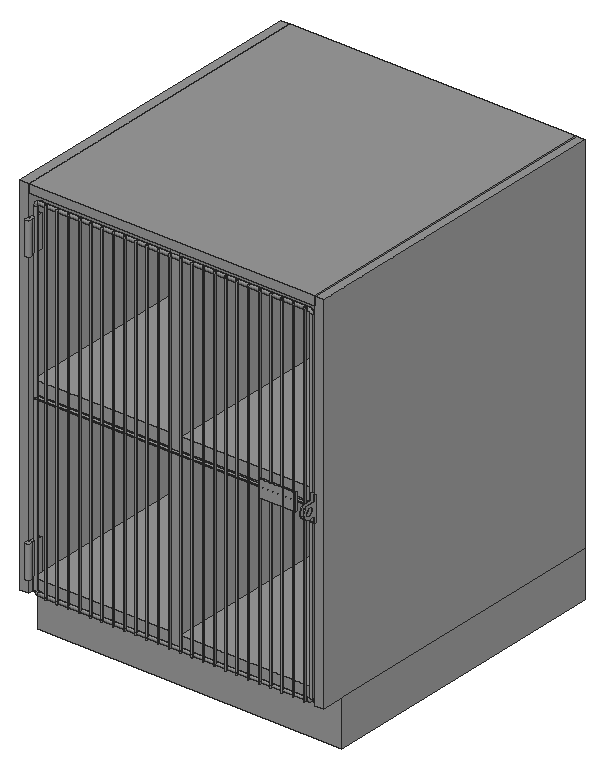
Revit family "TMI_M3093-Music_WireDoors1", category Casework, Revit 2016
Family settings
  OmniClass Number = 23.40.35.14.11
  OmniClass Title = Modular Casework
  Work Plane-Based = No
  Always vertical = Yes
  Cut with Voids When Loaded = No
  Shared = No
  Room Calculation Point = No
Parameters (values of type "27" x 36-5/8" x 29"")
  URL = "www.tmisystems.com"
  Toe Kick Height = 4"
  Toe Kick Depth = 2"
  Shelf Thickness = 1 1/8"
  Model = "M3093/M5093"
  Manufacturer = "TMI Systems Corporation"
  Interior Finish = none
  Individual Wire Grille Doors [instance] = not(Full Height Wire Grille Door)  # no
  Full Height Wire Grille Door [instance] = yes
  Filler Width (Hinge) [instance] = 3"
  Filler (Pull Side) [instance] = no
  Filler (Hinge Side) [instance] = no
  Filler Width (Pull) [instance] = 3"
  Description = "Alto Saxophone, Cornet, Trumpet"
  Depth = 29"
  Height = Countertop Height - Countertop Thickness  # 36 5/8"
  Width = 27"
  Countertop Thickness = 1 1/4"
  Countertop Height = 37 7/8"
  Casework Thickness = 3/4"
  Casework Back Thickness = 1/2"
  Cabinet Finish = Plastic Laminate
  Assembly Code = ""
Types (2): name | Description | Depth
  27" x 36-5/8" x 29" | "Alto Saxophone, Cornet, Trumpet" | 29"
  27" x 36-5/8" x 39" | "Alto Clarinet, Bassoon, Bass Clarinet, Tenor Saxophone, Trombone, Violin, Viola" | 39"
Reference planes (in)
  plane 1 "Back": y = 5
  plane 2: z = 0
  plane 3 "Center (Left/Right)": x = 0.7377
  plane 4 "Left": x = -12.7623
  plane 5 "Right": x = 14.2377
  plane 6 "Front": y = -24
  plane 7 "Top": z = 36.625
  plane 8: y = 4.375
  plane 9: x = -12.0123
  plane 10: x = 13.4877
  plane 11: z = 35.875
  plane 12: y = 4.875
  plane 13: y = -22
  plane 14: z = 4
  plane 15: z = 5.125
  plane 16: x = 0.3627
  plane 17: x = 1.1127
  plane 18: z = 19.75
  plane 19: z = 20.875
  plane 20: y = -23.25
  plane 21: y = -23.625
  plane 22: y = -22.875
  plane 23: y = -21.25
  plane 24: y = -23.49894
  plane 25: z = 35.375
  plane 26: y = -23.60938
Forms (in)
  Extrusion 1, solid, material "Plastic Laminate" <- "Cabinet Finish"
    sketch origin (0, 0.21844, 0) x (1, 0, 0) y (0, 1, 0)
      loop
        line (-12.7623, 4.78156) -> (-12.7623, -24.21844) -> (-12.0123, -24.21844) -> (-12.0123, 4.78156) -> (-12.7623, 4.78156)
      loop
        line (13.4877, 4.78156) -> (13.4877, -24.21844) -> (14.2377, -24.21844) -> (14.2377, 4.78156) -> (13.4877, 4.78156)
    from 4 to 36.625
  Extrusion 2, solid, material "Plastic Laminate" <- "Cabinet Finish"
    sketch origin (0.05747, 11.96175, 0) x (1, 0, 0) y (0, 0, 1)
      loop
        line (-12.06976, 5.125) -> (-12.06976, 4) -> (13.43024, 4) -> (13.43024, 5.125) -> (-12.06976, 5.125)
    from 6.96175 to 35.57113
  Extrusion 3, solid, material "Plastic Laminate" <- "Cabinet Finish"
    sketch origin (0, 0.5, 0) x (1, 0, 0) y (0, 1, 0)
      loop
        line (-12.0123, 4.375) -> (-12.0123, 3.875) -> (13.4877, 3.875) -> (13.4877, 4.375) -> (-12.0123, 4.375)
    from 36.254 to 4.75431
  Extrusion 4, solid, material "Plastic Laminate" <- "Cabinet Finish", visible <- "Filler (Pull Side)"
    sketch origin (0, -24, 0) x (1, 0, 0) y (0, 0, 1)
      loop
        line (14.2377, 36.625) -> (14.2377, 4) -> (17.2377, 4) -> (17.2377, 36.625) -> (14.2377, 36.625)
    from -0.75 to 0
  Extrusion 5, solid, material "Plastic Laminate" <- "Cabinet Finish", visible <- "Filler (Hinge Side)"
    sketch origin (0, -24, 0) x (1, 0, 0) y (0, 0, 1)
      loop
        line (-15.7623, 36.625) -> (-15.7623, 4) -> (-12.7623, 4) -> (-12.7623, 36.625) -> (-15.7623, 36.625)
    from -0.75 to 0
  Extrusion 6, solid, material "Wood"
    sketch origin (0, 0, 0) x (1, 0, 0) y (0, 0, 1)
      loop
        line (14.2377, 4) -> (-12.7623, 4) -> (-12.7623, 0) -> (14.2377, 0) -> (14.2377, 4)
    from -5 to 22
  Extrusion 7, solid, material "Wood", visible <- "Filler (Pull Side)"
    sketch origin (0, 0, 0) x (1, 0, 0) y (0, 0, 1)
      loop
        line (17.2377, 4) -> (14.2377, 4) -> (14.2377, 0) -> (17.2377, 0) -> (17.2377, 4)
    from 21.25 to 22
  Extrusion 8, solid, material "Wood", visible <- "Filler (Hinge Side)"
    sketch origin (0, 0, 0) x (1, 0, 0) y (0, 0, 1)
      loop
        line (-12.7623, 4) -> (-15.7623, 4) -> (-15.7623, 0) -> (-12.7623, 0) -> (-12.7623, 4)
    from 21.25 to 22
  Extrusion 9, solid, material "Plastic Laminate" <- "Cabinet Finish"
    sketch origin (0, -24, 0) x (1, 0, 0) y (0, 0, 1)
      loop
        line (-12.0123, 36.625) -> (-12.0123, 35.875) -> (13.4877, 35.875) -> (13.4877, 36.625) -> (-12.0123, 36.625)
    from -29 to 0
  Extrusion 10, solid, material "Plastic Laminate" <- "Cabinet Finish"
    sketch origin (0, -24, 0) x (1, 0, 0) y (0, 0, 1)
      loop
        line (-12.0123, 20.875) -> (-12.0123, 19.75) -> (13.4877, 19.75) -> (13.4877, 20.875) -> (-12.0123, 20.875)
    from -28.375 to -0.50106
  Extrusion 11, solid, material "Plastic Laminate" <- "Cabinet Finish", visible <- "Individual Wire Grille Doors"
    sketch origin (0, 5, 0) x (1, 0, 0) y (0, 0, 1)
      loop
        line (0.3627, 35.875) -> (0.3627, 4) -> (1.1127, 4) -> (1.1127, 35.875) -> (0.3627, 35.875)
    from 0.625 to 29
  Extrusion 12, solid, material "Plastic Laminate" <- "Cabinet Finish"
    sketch origin (20, 5, 0) x (1, 0, 0) y (0, 0, 1)
      loop
        line (-19.6373, 35.875) -> (-19.6373, 4) -> (-18.8873, 4) -> (-18.8873, 35.875) -> (-19.6373, 35.875)
    from 0.625 to 28.625
Lines and regions (in)
  Masking region 1
    outline origin (0, 0, 0) x (1, 0, 0) y (0, 1, 0)
      loop
        line (-12.7623, 5) -> (-12.7623, -24) -> (14.2377, -24) -> (14.2377, 5) -> (-12.7623, 5)
  Masking region 2, visible <- "Filler (Hinge Side)"
    outline origin (0, 0, 0) x (1, 0, 0) y (0, 1, 0)
      loop
        line (-15.7623, -23.25) -> (-15.7623, -24) -> (-12.7623, -24) -> (-12.7623, -23.25) -> (-15.7623, -23.25)
  Masking region 3, visible <- "Filler (Pull Side)"
    outline origin (0, 0, 0) x (1, 0, 0) y (0, 1, 0)
      loop
        line (14.2377, -23.25) -> (14.2377, -24) -> (17.2377, -24) -> (17.2377, -23.25) -> (14.2377, -23.25)
  symbolic lines, style "CaseworkHiddenLines"
    curve 1: line (0.8002, -24, 0) -> (0.6752, -24, 0)
    curve 2: line (0.6752, -24, 4) -> (0.8002, -24, 4)
Dimensions and locks (in)
  "Width": plane 4 "Left" to plane 5 "Right"
  equal spacing: plane 4 "Left", plane 3 "Center (Left/Right)", plane 5 "Right"  (x2)
  "Casework Thickness": plane 4 "Left" to plane 9
  "Casework Thickness": plane 10 to plane 5 "Right"
  "Casework Thickness": plane 7 "Top" to plane 11
  "Filler Width (Pull)": plane 5 "Right" to Extrusion 4
  "Filler Width (Hinge)": Extrusion 5 to plane 4 "Left"
  "Depth": plane 6 "Front" to plane 1 "Back"
  "Casework Back Thickness": plane 12 to plane 8
  plane 12 to plane 1 "Back" = 1/8"
  locked: plane 11 to Extrusion 3 at 0.379
  locked: plane 15 to Extrusion 3 at 0.37069
  "Toe Kick Depth": plane 6 "Front" to plane 13
  equal spacing: plane 17, plane 3 "Center (Left/Right)", plane 16
  "Casework Thickness": plane 17 to plane 16
  "Shelf Thickness": plane 19 to plane 18
  plane 21 to plane 6 "Front" = 3/8"
  plane 22 to plane 21 = 3/4"
  locked: plane 23 to plane 13 at 0.75
  locked: plane 6 "Front" to plane 20 at 0.75
  "Height": plane 7 "Top" to level
  "Toe Kick Height": plane 14 to level
  "Shelf Thickness": plane 15 to plane 14
  equal spacing: plane 7 "Top", plane 19, plane 15
  locked: plane 6 "Front" to plane 24 at 0.50106
  locked: plane 11 to plane 25 at 0.5
  locked: plane 21 to plane 26 at 0.01562
  aligned and locked: plane 2 to level
  aligned and locked: Extrusion 1 sketch curve to plane 4 "Left"
  aligned and locked: Extrusion 1 sketch curve to plane 9
  aligned and locked: Extrusion 1 sketch curve to plane 10
  aligned and locked: Extrusion 1 sketch curve to plane 5 "Right"
  aligned and locked: Extrusion 1 to plane 1 "Back"  (x2)
  aligned and locked: Extrusion 3 sketch curve to plane 10
  aligned and locked: plane 9 to Extrusion 3 sketch curve
  aligned and locked: plane 7 "Top" to Extrusion 4 sketch curve
  aligned and locked: Extrusion 4 sketch curve to plane 5 "Right"
  aligned and locked: plane 7 "Top" to Extrusion 5 sketch curve
  aligned and locked: Extrusion 7 to Extrusion 6
  aligned and locked: Extrusion 8 to Extrusion 6
  aligned and locked: plane 14 to Extrusion 8
  aligned and locked: plane 14 to Extrusion 6
  aligned and locked: plane 14 to Extrusion 7
  aligned and locked: Extrusion 4 to plane 14
  aligned and locked: Extrusion 5 to plane 14
  aligned and locked: Extrusion 1 to plane 14
  aligned and locked: Extrusion 2 to plane 14
  aligned and locked: plane 15 to Extrusion 2
  aligned and locked: Extrusion 1 to Extrusion 2
  aligned and locked: Extrusion 6 to Extrusion 1
  aligned and locked: Masking region 1 sketch curve to plane 4 "Left"
  aligned and locked: plane 1 "Back" to Masking region 1 sketch curve
  aligned and locked: Masking region 1 sketch curve to plane 5 "Right"
  aligned and locked: Extrusion 1 to plane 7 "Top"
  aligned and locked: Extrusion 7 to plane 13
  aligned and locked: plane 4 "Left" to Masking region 2 sketch curve
  aligned and locked: Masking region 3 sketch curve to plane 5 "Right"
  aligned and locked: plane 6 "Front" to Extrusion 1  (x2)
  aligned and locked: plane 6 "Front" to Masking region 1
  aligned and locked: plane 6 "Front" to Extrusion 4
  aligned and locked: plane 6 "Front" to Extrusion 5
  aligned and locked: plane 23 to Extrusion 7
  aligned and locked: plane 23 to Extrusion 8
  aligned and locked: plane 20 to Extrusion 4
  aligned and locked: plane 20 to Extrusion 5
  aligned and locked: plane 6 "Front" to Masking region 3
  aligned and locked: plane 6 "Front" to Masking region 2
  aligned and locked: Extrusion 4 to Extrusion 7
  aligned and locked: Masking region 3 to Extrusion 4
  aligned and locked: Extrusion 8 to Extrusion 5
  aligned and locked: Masking region 2 to Extrusion 5
  aligned and locked: plane 20 to Masking region 2
  aligned and locked: plane 20 to Masking region 3
  aligned and locked: Extrusion 5 to plane 20
  aligned and locked: Extrusion 3 to plane 8
  aligned and locked: plane 12 to Extrusion 3
  aligned and locked: Extrusion 9 sketch curve to plane 10
  aligned and locked: plane 9 to Extrusion 9 sketch curve
  aligned and locked: Extrusion 9 sketch curve to plane 11
  aligned and locked: plane 7 "Top" to Extrusion 9 sketch curve
  aligned and locked: Extrusion 9 to plane 1 "Back"
  aligned and locked: plane 6 "Front" to Extrusion 9
  aligned and locked: plane 19 to Extrusion 10 sketch curve
  aligned and locked: plane 18 to Extrusion 10 sketch curve
  aligned and locked: plane 9 to Extrusion 10 sketch curve
  aligned and locked: plane 10 to Extrusion 10 sketch curve
  aligned and locked: plane 8 to Extrusion 10
  aligned and locked: plane 24 to Extrusion 10
  aligned and locked: plane 14 to Extrusion 11 sketch curve
  aligned and locked: plane 11 to Extrusion 11 sketch curve
  aligned and locked: plane 17 to Extrusion 11 sketch curve
  aligned and locked: plane 16 to Extrusion 11 sketch curve
  aligned and locked: plane 8 to Extrusion 11
  aligned and locked: plane 6 "Front" to Extrusion 11
  aligned and locked: Extrusion 12 to plane 14
  aligned and locked: Extrusion 12 to plane 11
  aligned and locked: Extrusion 12 to plane 16
  aligned and locked: plane 8 to Extrusion 12
  aligned and locked: plane 21 to Extrusion 12
  aligned and locked: Extrusion 12 to plane 17
  aligned and locked: plane 9 to nested 1
  aligned and locked: nested 1 to plane 14
  aligned and locked: nested 1 to plane 6 "Front"
  aligned and locked: nested 2 to plane 6 "Front"
  aligned and locked: nested 4 to plane 6 "Front"
  aligned and locked: nested 3 to plane 6 "Front"
  aligned and locked: plane 9 to nested 3
  aligned and locked: plane 25 to nested 3
  aligned and locked: plane 25 to nested 4
  aligned and locked: nested 4 to plane 17
  aligned and locked: nested 2 to plane 17
  aligned and locked: nested 2 to plane 14
  aligned and locked: nested 5 to plane 14
  aligned and locked: nested 5 to plane 6 "Front"
  aligned and locked: plane 9 to nested 5
  aligned and locked: plane 26 to Extrusion 2
Automatic sketch dimensions
  curve 1 to level = 0"
  curve 2 to plane 14 = 0"
  curve 1 to plane 3 "Center (Left/Right)" = 1/16"
  curve 2 to plane 3 "Center (Left/Right)" = 1/16"
  plane 3 "Center (Left/Right)" to curve 2 = 1/16"
  plane 3 "Center (Left/Right)" to curve 1 = 1/16"
  plane 6 "Front" to Extrusion 1 sketch curve = 0"  (x2)
  plane 1 "Back" to Extrusion 1 sketch curve = 0"  (x2)
  Extrusion 2 sketch curve to plane 9 = 0"
  plane 10 to Extrusion 2 sketch curve = 0"
  Extrusion 2 sketch curve to plane 14 = 0"
  Extrusion 2 sketch curve to plane 15 = 0"
  Extrusion 3 sketch curve to plane 8 = 0"
  Extrusion 3 sketch curve to plane 12 = 0"
  Extrusion 4 sketch curve to plane 14 = 0"
  Extrusion 4 sketch curve to plane 5 "Right" = 3"
  Extrusion 5 sketch curve to plane 14 = 0"
  plane 4 "Left" to Extrusion 5 sketch curve = 0"
  Extrusion 5 sketch curve to Extrusion 5 sketch curve = 3"
  plane 4 "Left" to Extrusion 6 sketch curve = 0"
  Extrusion 6 sketch curve to level = 0"
  plane 5 "Right" to Extrusion 6 sketch curve = 0"
  Extrusion 6 sketch curve to plane 14 = 0"
  plane 5 "Right" to Extrusion 7 sketch curve = 0"
  Extrusion 7 sketch curve to level = 0"
  Extrusion 7 sketch curve to plane 14 = 0"
  Extrusion 7 sketch curve to plane 5 "Right" = 3"
  Extrusion 8 sketch curve to plane 14 = 0"
  Extrusion 8 sketch curve to level = 0"
  plane 4 "Left" to Extrusion 8 sketch curve = 0"
  Extrusion 8 sketch curve to Extrusion 8 sketch curve = 3"
  plane 6 "Front" to Masking region 1 sketch curve = 0"
  plane 6 "Front" to Masking region 2 sketch curve = 0"
  Masking region 2 sketch curve to plane 20 = 0"
  plane 4 "Left" to Masking region 2 sketch curve = 3"
  plane 6 "Front" to Masking region 3 sketch curve = 0"
  Masking region 3 sketch curve to plane 20 = 0"
  Masking region 3 sketch curve to Masking region 3 sketch curve = 3"
  Extrusion 12 sketch curve to plane 14 = 0"
  Extrusion 12 sketch curve to plane 11 = 0"
  plane 5 "Right" to Extrusion 12 sketch curve = 13 7/8"
  Extrusion 12 sketch curve to Extrusion 12 sketch curve = 3/4"
Nested families (in)
  nested 1: "Individual Wire Grille Doors 27in Wide x2" at (-5.82565, -23.76369, 4), visible <- "Individual Wire Grille Doors", type "Individual Wire Grille Doors 27in Wide x2"
    with Number of Verticle Bars 11, Bar Spacing 1"
  nested 2: "Individual Wire Grille Doors 27in Wide x2" at (7.29935, -23.76369, 4), visible <- "Individual Wire Grille Doors", type "Individual Wire Grille Doors 27in Wide x2"
    with Number of Verticle Bars 11, Bar Spacing 1"
  nested 3: "Individual Wire Grille Doors 27in Wide x2" at (-5.82565, -23.76369, 19.75), visible <- "Individual Wire Grille Doors", type "Individual Wire Grille Doors 27in Wide x2"
    with Number of Verticle Bars 11, Bar Spacing 1"
  nested 4: "Individual Wire Grille Doors 27in Wide x2" at (7.29935, -23.76369, 19.75), visible <- "Individual Wire Grille Doors", type "Individual Wire Grille Doors 27in Wide x2"
    with Number of Verticle Bars 11, Bar Spacing 1"
  nested 5: "Full Height Wire Grille Door 27in Wide (Base)" at (0.73685, -23.76369, 4), visible <- "Full Height Wire Grille Door", type "Full Height Wire Grille Door 27in Wide (Base)"
    with Number of Verticle Bars 24, Bar Spacing 1"
Definition of nested family "Individual Wire Grille Doors 27in Wide x2"
  Parameters (values of type "Individual Wire Grille Doors 27in Wide x2")
    Width = 11 3/8"
    Pull height from Bottom of Casework = 33 13/16"
    Number of Verticle Bars [instance] = (Width / Bar Spacing)  # 11
    Height = 15 5/8"
    Distance of Hinge from Edge of Casework = 2 13/16"
    Bar Spacing [instance] = 1"
  Reference planes (in)
    plane 1 "Center (Front/Back)": y = 0
    plane 2: z = 0
    plane 3 "Center (Left/Right)": x = 0
    plane 4: x = -5.81165
    plane 5: x = -5.56335
    plane 6: z = 15.625
    plane 7: z = 15.375
    plane 8: z = 15.5
    plane 9: x = -5.6875
    plane 10: x = 5.81888
    plane 11: x = 5.55612
    plane 12: x = 5.6875
    plane 13: z = 0.25
    plane 14: z = 0.125
    plane 15: y = -0.125
    plane 16: z = 7.8125
    plane 17: y = -0.17188
    plane 18: x = -4.6875
    plane 19: y = 0.28516
    plane 20: x = 6.19388
    plane 21: y = -0.23631
    plane 22: z = 2.8125
    plane 23: z = 12.8125
    plane 24: z = 8.93853
    plane 25: x = -4.6875
    plane 26: y = -0.17188
    plane 27: x = -3.6875
    plane 28: y = -0.17188
    plane 29: x = -2.6875
    plane 30: y = -0.17188
    plane 31: x = -1.6875
    plane 32: y = -0.17188
    plane 33: x = -0.6875
    plane 34: y = -0.17188
    plane 35: x = 0.3125
    plane 36: y = -0.17188
    plane 37: x = 1.3125
    plane 38: y = -0.17188
    plane 39: x = 2.3125
    plane 40: y = -0.17188
    plane 41: x = 3.3125
    plane 42: y = -0.17188
    plane 43: x = 4.3125
    plane 44: y = -0.17188
    plane 45: x = 5.3125
    plane 46: y = -0.17188
    plane 47: z = 7.8125
  Forms (in)
    Sweep 1, solid
      path origin (0, 0, 0) x (1, 0, 0) y (0, 0, 1)
        loop
          arc (-5.4375, 15.5) -> (-5.61428, 15.42678) -> (-5.6875, 15.25) r 0.25
          line (-5.6875, 15.25) -> (-5.6875, 0.375)
          arc (-5.6875, 0.375) -> (-5.61428, 0.19822) -> (-5.4375, 0.125) r 0.25
          line (-5.4375, 0.125) -> (5.4375, 0.125)
          arc (5.4375, 0.125) -> (5.61428, 0.19822) -> (5.6875, 0.375) r 0.25
          line (5.6875, 0.375) -> (5.6875, 15.25)
          arc (5.6875, 15.25) -> (5.61428, 15.42678) -> (5.4375, 15.5) r 0.25
          line (5.4375, 15.5) -> (-5.4375, 15.5)
      profile "4 Circle : 4 Circle" origin (0, 0, 15.5) x (0, 0, 1) y (0, -1, 0)
        loop
          circle (0, 0) r 0.125
    Extrusion 2, solid
      sketch origin (0, 0, 0) x (0, 1, 0) y (0, 0, 1)
        loop
          circle (0, 7.8125) r 0.125
      from -5.6875 to 5.6875
    Extrusion 3, solid
      sketch origin (0, 0, -0.01317) x (1, 0, 0) y (0, 1, 0)
        loop
          circle (-4.6875, -0.17188) r 0.0625
      from 0.01317 to 15.63817
    Extrusion 4, solid
      sketch origin (1, 0, -0.01317) x (1, 0, 0) y (0, 1, 0)
        loop
          circle (-4.6875, -0.17188) r 0.0625
      from 0.01317 to 15.63817
    Extrusion 5, solid
      sketch origin (2, 0, -0.01317) x (1, 0, 0) y (0, 1, 0)
        loop
          circle (-4.6875, -0.17188) r 0.0625
      from 0.01317 to 15.63817
    Extrusion 6, solid
      sketch origin (3, 0, -0.01317) x (1, 0, 0) y (0, 1, 0)
        loop
          circle (-4.6875, -0.17188) r 0.0625
      from 0.01317 to 15.63817
    Extrusion 7, solid
      sketch origin (4, 0, -0.01317) x (1, 0, 0) y (0, 1, 0)
        loop
          circle (-4.6875, -0.17188) r 0.0625
      from 0.01317 to 15.63817
    Extrusion 8, solid
      sketch origin (5, 0, -0.01317) x (1, 0, 0) y (0, 1, 0)
        loop
          circle (-4.6875, -0.17188) r 0.0625
      from 0.01317 to 15.63817
    Extrusion 9, solid
      sketch origin (6, 0, -0.01317) x (1, 0, 0) y (0, 1, 0)
        loop
          circle (-4.6875, -0.17188) r 0.0625
      from 0.01317 to 15.63817
    Extrusion 10, solid
      sketch origin (7, 0, -0.01317) x (1, 0, 0) y (0, 1, 0)
        loop
          circle (-4.6875, -0.17188) r 0.0625
      from 0.01317 to 15.63817
    Extrusion 11, solid
      sketch origin (8, 0, -0.01317) x (1, 0, 0) y (0, 1, 0)
        loop
          circle (-4.6875, -0.17188) r 0.0625
      from 0.01317 to 15.63817
    Extrusion 12, solid
      sketch origin (9, 0, -0.01317) x (1, 0, 0) y (0, 1, 0)
        loop
          circle (-4.6875, -0.17188) r 0.0625
      from 0.01317 to 15.63817
    Extrusion 13, solid
      sketch origin (10, 0, -0.01317) x (1, 0, 0) y (0, 1, 0)
        loop
          circle (-4.6875, -0.17188) r 0.0625
      from 0.01317 to 15.63817
    Extrusion 14, solid
      sketch origin (0, 0, 0) x (1, 0, 0) y (0, 0, 1)
        loop
          line (1.38138, 8.5625) -> (1.38138, 7.0625) -> (4.56888, 7.0625) -> (4.56888, 8.5625) -> (1.38138, 8.5625)
      from 0.23631 to 0.33984
  Lines and regions (in)
    model lines
      curve 1: line (5.6875, 0, 15.5) -> (-5.6875, 0, 7.8125)
      curve 2: line (-5.6875, 0, 7.8125) -> (5.6875, 0, 0.125)
  Dimensions and locks (in)
    locked: plane 6 to plane 7 at 0.25
    equal spacing: plane 4, plane 9, plane 5
    locked: plane 4 to plane 5 at 0.24829
    equal spacing: plane 10, plane 12, plane 11
    plane 10 to plane 11 = 0.26276"
    equal spacing: plane 13, plane 14, plane 2
    locked: plane 13 to plane 2 at 0.25
    equal spacing: plane 12, plane 3 "Center (Left/Right)", plane 9
    locked: plane 15 to plane 1 "Center (Front/Back)" at 0.125
    "Width": plane 12 to plane 9
    "Height": plane 6 to level
    plane 8 to plane 14 = 15 3/8"
    "Bar Spacing": plane 9 to plane 18
    locked: plane 15 to plane 17 at 0.04688
    plane 1 "Center (Front/Back)" to plane 19 = 73/256"
    locked: plane 10 to plane 20 at 0.375
    locked: plane 17 to plane 21 at 0.06444
    "Distance of Hinge from Edge of Casework": plane 6 to plane 23
    "Distance of Hinge from Edge of Casework": plane 22 to plane 2
    locked: plane 24 to plane 16 at 1.12603
    equal spacing: plane 6, plane 8, plane 7
    equal spacing: plane 6, plane 16, level
    equal spacing: group 1, group 2, group 3, group 4, group 5, group 6, group 7, group 8, group 9, group 10, group 11  (x3)
    locked: Extrusion 14 sketch curve to Extrusion 14 sketch curve at 3.1875
    locked: Extrusion 14 sketch curve to nested 1 at 1.25
    equal spacing: Extrusion 14 sketch curve, plane 47, Extrusion 14 sketch curve
    locked: Extrusion 14 sketch curve to Extrusion 14 sketch curve at 1.5
    aligned and locked: plane 12 to Sweep 1 sketch curve
    aligned and locked: plane 9 to Sweep 1 sketch curve
    aligned and locked: nested 1 to plane 10
    aligned and locked: plane 19 to nested 1
    aligned and locked: plane 19 to nested 2
    aligned and locked: plane 10 to nested 1
    aligned and locked: nested 3 to plane 4
    aligned and locked: nested 3 to plane 21
    aligned and locked: nested 3 to plane 23
    aligned and locked: nested 4 to plane 4
    aligned and locked: nested 4 to plane 21
    aligned and locked: nested 4 to plane 22
    aligned and locked: Extrusion 2 to plane 9
    aligned and locked: Extrusion 2 to plane 12
    aligned and locked: plane 20 to nested 2
    aligned and locked: nested 2 to plane 24
    aligned and locked: nested 1 to plane 24
    aligned and locked: plane 17 to Extrusion 3
    aligned and locked: Extrusion 3 to plane 2
    aligned and locked: plane 6 to Extrusion 3
    aligned and locked: Extrusion 3 to level
    aligned and locked: plane 14 to Sweep 1 sketch curve
    aligned and locked: Sweep 1 sketch curve to plane 8
    aligned and locked: plane 16 to plane 47
    aligned and locked: plane 21 to Extrusion 14
    aligned and locked: nested 1 to Extrusion 14
  Automatic sketch dimensions
    Extrusion 2 sketch curve to plane 1 "Center (Front/Back)" = 0"
    Extrusion 2 sketch curve to plane 16 = 0"
    Extrusion 3 sketch curve to plane 25 = 0"
    Extrusion 3 sketch curve to plane 26 = 0"
    plane 5 to Sweep 1 sketch curve = 0.12585"  (x2)
    plane 11 to Sweep 1 sketch curve = 0.11862"  (x2)
    Extrusion 4 sketch curve to plane 27 = 0"
    Extrusion 4 sketch curve to plane 28 = 0"
    Extrusion 5 sketch curve to plane 29 = 0"
    Extrusion 5 sketch curve to plane 30 = 0"
    Extrusion 6 sketch curve to plane 31 = 0"
    Extrusion 6 sketch curve to plane 32 = 0"
    Extrusion 7 sketch curve to plane 33 = 0"
    Extrusion 7 sketch curve to plane 34 = 0"
    Extrusion 8 sketch curve to plane 35 = 0"
    Extrusion 8 sketch curve to plane 36 = 0"
    Extrusion 9 sketch curve to plane 37 = 0"
    Extrusion 9 sketch curve to plane 38 = 0"
    Extrusion 10 sketch curve to plane 39 = 0"
    Extrusion 10 sketch curve to plane 40 = 0"
    Extrusion 11 sketch curve to plane 41 = 0"
    Extrusion 11 sketch curve to plane 42 = 0"
    Extrusion 12 sketch curve to plane 43 = 0"
    Extrusion 12 sketch curve to plane 44 = 0"
    Extrusion 13 sketch curve to plane 45 = 0"
    Extrusion 13 sketch curve to plane 46 = 0"
    curve 2 to plane 9 = 0"
    plane 12 to curve 2 = 0"
    curve 1 to plane 8 = 0"
    plane 12 to curve 1 = 0"
    curve 2 to plane 14 = 0"
    curve 2 to plane 16 = 0"
    radius of Extrusion 2 sketch curve = 1/8"
    radius of Extrusion 3 sketch curve = 1/16"
    radius of Extrusion 4 sketch curve = 1/16"
    radius of Extrusion 5 sketch curve = 1/16"
    radius of Extrusion 6 sketch curve = 1/16"
    radius of Extrusion 7 sketch curve = 1/16"
    radius of Extrusion 8 sketch curve = 1/16"
    radius of Extrusion 9 sketch curve = 1/16"
    radius of Extrusion 10 sketch curve = 1/16"
    radius of Extrusion 11 sketch curve = 1/16"
    radius of Extrusion 12 sketch curve = 1/16"
    radius of Extrusion 13 sketch curve = 1/16"
  Nested families (in)
    nested 1: "Pad Lock" at (5.81888, -0.33984, 7.81353), type "Pad Lock"
    nested 2: "Pad Lock" at (6.13138, -0.33984, 7.81353), type "Pad Lock"
    nested 3: "5k hinge (music)" at (-6.0304, 0.76369, 11.40625) x (-1, 0, 0) z (0, 0, 1), type "5k hinge (music)"
      with Width 16"
    nested 4: "5k hinge (music)" at (-6.0304, 0.76369, 1.40625) x (-1, 0, 0) z (0, 0, 1), type "5k hinge (music)"
      with Width 16"
  Definition of nested family "Pad Lock"
    Reference planes (in)
      plane 1 "Center (Front/Back)": y = 0
      plane 2: z = 0
      plane 3 "Center (Left/Right)": x = 0
      plane 4: z = 1.125
      plane 5: z = -1.125
      plane 6: y = -1.125
      plane 7: y = 0.625
      plane 8: y = -0.5625
      plane 9: x = 0.0625
    Forms (in)
      Extrusion 1, solid
        sketch origin (0, 0.00036, 0.01611) x (0, 0, 1) y (0, -1, 0)
          loop
            line (0.98389, 0) -> (0.56967, 0) -> (0.56967, 0.56286)
            arc (0.56967, 0.56286) -> (0, 1.13253) -> (-0.56967, 0.56286) r 0.56967
            line (-0.56967, 0.56286) -> (-0.56967, 0) -> (-1.01611, 0)
            arc (-1.01611, 0) -> (-1.1045, -0.03661) -> (-1.14111, -0.125) r 0.125
            line (-1.14111, -0.125) -> (-1.14111, -0.62464) -> (1.10889, -0.62464) -> (1.10889, -0.125)
            arc (1.10889, -0.125) -> (1.07227, -0.03661) -> (0.98389, 0) r 0.125
          loop
            circle (0, 0.56286) r 0.375
        from 0 to 0.0625
    Dimensions and locks (in)
      locked: plane 4 to plane 5 at 2.25
      locked: plane 6 to plane 7 at 1.75
      locked: plane 9 to plane 3 "Center (Left/Right)" at 0.0625
      equal spacing: plane 1 "Center (Front/Back)", plane 8, plane 6
      locked: plane 7 to plane 1 "Center (Front/Back)" at 0.625
      equal spacing: plane 5, plane 2, plane 4
      aligned and locked: plane 2 to level
      aligned and locked: plane 9 to Extrusion 1
    Automatic sketch dimensions
      Extrusion 1 sketch curve to Extrusion 1 sketch curve = 0"  (x2)
      Extrusion 1 sketch curve to plane 5 = 0"
      Extrusion 1 sketch curve to plane 8 = 0"
      plane 4 to Extrusion 1 sketch curve = 0"
      Extrusion 1 sketch curve to plane 7 = 0"
      Extrusion 1 sketch curve to plane 1 "Center (Front/Back)" = 0.00036"
      plane 5 to Extrusion 1 sketch curve = 1/8"
      Extrusion 1 sketch curve to level = 0.55355"
      level to Extrusion 1 sketch curve = 0.01611"
      Extrusion 1 sketch curve to Extrusion 1 sketch curve = 1/8"
      Extrusion 1 sketch curve to plane 1 "Center (Front/Back)" = 0.12536"
      radius of Extrusion 1 sketch curve = 3/8"
  Definition of nested family "5k hinge (music)"
    Parameters (values of type "5k hinge (music)")
      door thickness = 1"
      Width [instance] = 16"
      Hinge Distance from Door = 9/16"
      5K hinge size = 2 13/16"
    Reference planes (in)
      plane 1 "Center (Front/Back)": y = 0
      plane 2: z = 0
      plane 3 "Center (Left/Right)": x = 0
      plane 4: x = -0.15625
      plane 5: y = -1
      plane 6: y = -0.5
      plane 7: y = -1.5625
      plane 8: y = -1.28125
      plane 9: x = 0.15625
      plane 10: z = 2.8125
      plane 11: z = 1.40625
      plane 12: x = -0.21875
    Forms (in)
      Extrusion 1, solid
        sketch origin (-8.15625, 0, 0) x (1, 0, 0) y (0, 1, 0)
          loop
            line (8.15625, -1) -> (8.15625, -1.04949)
            arc (8.15625, -1.04949) -> (7.85521, -1.421) -> (8.3125, -1.28125) r 0.25
            line (8.3125, -1.28125) -> (8.3125, 0) -> (8.15625, 0) -> (7.9375, 0) -> (7.9375, -1) -> (8.15625, -1)
        from 0 to 2.8125
    Dimensions and locks (in)
      equal spacing: plane 1 "Center (Front/Back)", plane 6, plane 5
      "Hinge Distance from Door": plane 5 to plane 7
      equal spacing: plane 5, plane 8, plane 7
      "5K hinge size": plane 10 to plane 2
      "door thickness": plane 1 "Center (Front/Back)" to plane 5
      equal spacing: plane 10, plane 11, plane 2
      equal spacing: plane 4, plane 3 "Center (Left/Right)", plane 9
      plane 4 to plane 9 = 5/16"
      plane 12 to plane 4 = 1/16"
      aligned and locked: plane 2 to level
      aligned and locked: plane 5 to Extrusion 1 sketch curve
      aligned and locked: Extrusion 1 to plane 10
      aligned and locked: plane 9 to Extrusion 1
      aligned and locked: Extrusion 1 to plane 2
      aligned and locked: plane 12 to Extrusion 1 sketch curve
    Automatic sketch dimensions
      Extrusion 1 sketch curve to plane 8 = 0"
      plane 1 "Center (Front/Back)" to Extrusion 1 sketch curve = 0"
      Extrusion 1 sketch curve to plane 9 = 0"
      plane 4 to Extrusion 1 sketch curve = 1/16"
      Extrusion 1 sketch curve to plane 3 "Center (Left/Right)" = 0"  (x2)
Definition of nested family "Full Height Wire Grille Door 27in Wide (Base)"
  Parameters (values of type "Full Height Wire Grille Door 27in Wide (Base)")
    Width = 24 1/2"
    Pull height from Bottom of Casework = 33 13/16"
    Number of Verticle Bars [instance] = (Width / Bar Spacing) - 1  # 24
    Height = 31 3/8"
    Distance of Hinge from Edge of Casework = 2 13/16"
    Bar Spacing [instance] = 1"
  Reference planes (in)
    plane 1 "Center (Front/Back)": y = 0
    plane 2: z = 0
    plane 3 "Center (Left/Right)": x = 0
    plane 4: x = -12.37415
    plane 5: x = -12.12585
    plane 6: z = 31.375
    plane 7: z = 31.125
    plane 8: z = 31.25
    plane 9: x = -12.25
    plane 10: x = 12.38138
    plane 11: x = 12.11862
    plane 12: x = 12.25
    plane 13: z = 0.25
    plane 14: z = 0.125
    plane 15: y = -0.125
    plane 16: z = 15.6875
    plane 17: y = -0.17188
    plane 18: y = 0.28516
    plane 19: x = 12.75638
    plane 20: y = -0.23631
    plane 21: z = 2.8125
    plane 22: z = 28.5625
    plane 23: z = 16.81353
    plane 24: x = -11.25
    plane 25: z = 15.6875
  Forms (in)
    Sweep 1, solid
      path origin (0, 0, 0) x (1, 0, 0) y (0, 0, 1)
        loop
          arc (-12, 31.25) -> (-12.17678, 31.17678) -> (-12.25, 31) r 0.25
          line (-12.25, 31) -> (-12.25, 0.375)
          arc (-12.25, 0.375) -> (-12.17678, 0.19822) -> (-12, 0.125) r 0.25
          line (-12, 0.125) -> (12, 0.125)
          arc (12, 0.125) -> (12.17678, 0.19822) -> (12.25, 0.375) r 0.25
          line (12.25, 0.375) -> (12.25, 31)
          arc (12.25, 31) -> (12.17678, 31.17678) -> (12, 31.25) r 0.25
          line (12, 31.25) -> (-12, 31.25)
      profile "4 Circle : 4 Circle" origin (0, 0, 31.25) x (0, 0, 1) y (0, -1, 0)
        loop
          circle (0, 0) r 0.125
    Extrusion 2, solid
      sketch origin (0, 0, 0) x (0, 1, 0) y (0, 0, 1)
        loop
          circle (0, 15.6875) r 0.125
      from -12.25 to 12.25
    Extrusion 3, solid
      sketch origin (0, 0, 0) x (1, 0, 0) y (0, 1, 0)
        loop
          circle (-11.25, -0.17188) r 0.06444
      from 0 to 31.375
    Extrusion 4, solid
      sketch origin (1, 0, 0) x (1, 0, 0) y (0, 1, 0)
        loop
          circle (-11.25, -0.17188) r 0.06444
      from 0 to 31.375
    Extrusion 5, solid
      sketch origin (2, 0, 0) x (1, 0, 0) y (0, 1, 0)
        loop
          circle (-11.25, -0.17188) r 0.06444
      from 0 to 31.375
    Extrusion 6, solid
      sketch origin (3, 0, 0) x (1, 0, 0) y (0, 1, 0)
        loop
          circle (-11.25, -0.17188) r 0.06444
      from 0 to 31.375
    Extrusion 7, solid
      sketch origin (4, 0, 0) x (1, 0, 0) y (0, 1, 0)
        loop
          circle (-11.25, -0.17188) r 0.06444
      from 0 to 31.375
    Extrusion 8, solid
      sketch origin (5, 0, 0) x (1, 0, 0) y (0, 1, 0)
        loop
          circle (-11.25, -0.17188) r 0.06444
      from 0 to 31.375
    Extrusion 9, solid
      sketch origin (6, 0, 0) x (1, 0, 0) y (0, 1, 0)
        loop
          circle (-11.25, -0.17188) r 0.06444
      from 0 to 31.375
    Extrusion 10, solid
      sketch origin (7, 0, 0) x (1, 0, 0) y (0, 1, 0)
        loop
          circle (-11.25, -0.17188) r 0.06444
      from 0 to 31.375
    Extrusion 11, solid
      sketch origin (8, 0, 0) x (1, 0, 0) y (0, 1, 0)
        loop
          circle (-11.25, -0.17188) r 0.06444
      from 0 to 31.375
    Extrusion 12, solid
      sketch origin (9, 0, 0) x (1, 0, 0) y (0, 1, 0)
        loop
          circle (-11.25, -0.17188) r 0.06444
      from 0 to 31.375
    Extrusion 13, solid
      sketch origin (10, 0, 0) x (1, 0, 0) y (0, 1, 0)
        loop
          circle (-11.25, -0.17188) r 0.06444
      from 0 to 31.375
    Extrusion 14, solid
      sketch origin (11, 0, 0) x (1, 0, 0) y (0, 1, 0)
        loop
          circle (-11.25, -0.17188) r 0.06444
      from 0 to 31.375
    Extrusion 15, solid
      sketch origin (12, 0, 0) x (1, 0, 0) y (0, 1, 0)
        loop
          circle (-11.25, -0.17188) r 0.06444
      from 0 to 31.375
    Extrusion 16, solid
      sketch origin (13, 0, 0) x (1, 0, 0) y (0, 1, 0)
        loop
          circle (-11.25, -0.17188) r 0.06444
      from 0 to 31.375
    Extrusion 17, solid
      sketch origin (14, 0, 0) x (1, 0, 0) y (0, 1, 0)
        loop
          circle (-11.25, -0.17188) r 0.06444
      from 0 to 31.375
    Extrusion 18, solid
      sketch origin (15, 0, 0) x (1, 0, 0) y (0, 1, 0)
        loop
          circle (-11.25, -0.17188) r 0.06444
      from 0 to 31.375
    Extrusion 19, solid
      sketch origin (16, 0, 0) x (1, 0, 0) y (0, 1, 0)
        loop
          circle (-11.25, -0.17188) r 0.06444
      from 0 to 31.375
    Extrusion 20, solid
      sketch origin (17, 0, 0) x (1, 0, 0) y (0, 1, 0)
        loop
          circle (-11.25, -0.17188) r 0.06444
      from 0 to 31.375
    Extrusion 21, solid
      sketch origin (18, 0, 0) x (1, 0, 0) y (0, 1, 0)
        loop
          circle (-11.25, -0.17188) r 0.06444
      from 0 to 31.375
    Extrusion 22, solid
      sketch origin (19, 0, 0) x (1, 0, 0) y (0, 1, 0)
        loop
          circle (-11.25, -0.17188) r 0.06444
      from 0 to 31.375
    Extrusion 23, solid
      sketch origin (20, 0, 0) x (1, 0, 0) y (0, 1, 0)
        loop
          circle (-11.25, -0.17188) r 0.06444
      from 0 to 31.375
    Extrusion 24, solid
      sketch origin (21, 0, 0) x (1, 0, 0) y (0, 1, 0)
        loop
          circle (-11.25, -0.17188) r 0.06444
      from 0 to 31.375
    Extrusion 25, solid
      sketch origin (22, 0, 0) x (1, 0, 0) y (0, 1, 0)
        loop
          circle (-11.25, -0.17188) r 0.06444
      from 0 to 31.375
    Extrusion 26, solid
      sketch origin (23, 0, 0) x (1, 0, 0) y (0, 1, 0)
        loop
          circle (-11.25, -0.17188) r 0.06444
      from 0 to 31.375
    Extrusion 27, solid
      sketch origin (0, 0, 0) x (1, 0, 0) y (0, 0, 1)
        loop
          line (7.94388, 16.4375) -> (7.94388, 14.9375) -> (11.13138, 14.9375) -> (11.13138, 16.4375) -> (7.94388, 16.4375)
      from 0.23631 to 0.33984
  Lines and regions (in)
    model lines
      curve 1: line (12.25, 0, 31.25) -> (-12.25, 0, 15.6875)
      curve 2: line (-12.25, 0, 15.6875) -> (12.25, 0, 0.125)
  Dimensions and locks (in)
    equal spacing: plane 4, plane 9, plane 5
    locked: plane 4 to plane 5 at 0.24829
    equal spacing: plane 10, plane 12, plane 11
    plane 10 to plane 11 = 0.26276"
    equal spacing: plane 13, plane 14, plane 2
    locked: plane 13 to plane 2 at 0.25
    equal spacing: plane 12, plane 3 "Center (Left/Right)", plane 9
    locked: plane 15 to plane 1 "Center (Front/Back)" at 0.125
    "Width": plane 12 to plane 9
    plane 8 to plane 14 = 31 1/8"
    locked: plane 15 to plane 17 at 0.04688
    plane 1 "Center (Front/Back)" to plane 18 = 73/256"
    locked: plane 10 to plane 19 at 0.375
    locked: plane 17 to plane 20 at 0.06444
    "Distance of Hinge from Edge of Casework": plane 21 to plane 2
    locked: plane 23 to plane 16 at 1.12603
    "Height": plane 6 to plane 2
    locked: plane 6 to plane 7 at 0.25
    plane 6 to plane 8 to plane 7 = 1/8", 1/8"
    locked: plane 9 to plane 24 at 1
    "Distance of Hinge from Edge of Casework": plane 6 to plane 22
    equal spacing: group 1, group 2, group 3, group 4, group 5, group 6, group 7, group 8, group 9, group 10, group 11, group 12, group 13, group 14, group 15, group 16, group 17, group 18, group 19, group 20, group 21, group 22, group 23, group 24  (x3)
    equal spacing: plane 8, plane 16, plane 14
    locked: Extrusion 27 sketch curve to Extrusion 27 sketch curve at 3.1875
    locked: Extrusion 27 sketch curve to Extrusion 27 sketch curve at 1.5
    equal spacing: Extrusion 27 sketch curve, plane 25, Extrusion 27 sketch curve
    locked: nested 1 to Extrusion 27 sketch curve at 1.25
    aligned and locked: Sweep 1 sketch curve to plane 12
    aligned and locked: plane 9 to Sweep 1 sketch curve
    aligned and locked: plane 14 to Sweep 1 sketch curve
    aligned and locked: nested 1 to plane 10
    aligned and locked: nested 1 to plane 18
    aligned and locked: nested 2 to plane 18
    aligned and locked: plane 10 to nested 1
    aligned and locked: nested 3 to plane 4
    aligned and locked: plane 20 to nested 3
    aligned and locked: nested 3 to plane 22
    aligned and locked: nested 4 to plane 4
    aligned and locked: plane 20 to nested 4
    aligned and locked: nested 4 to plane 21
    aligned and locked: Extrusion 2 to plane 9
    aligned and locked: Extrusion 2 to plane 12
    aligned and locked: plane 19 to nested 2
    aligned and locked: nested 2 to plane 23
    aligned and locked: nested 1 to plane 23
    aligned and locked: plane 2 to level
    aligned and locked: Extrusion 3 to plane 2
    aligned and locked: plane 6 to Extrusion 3
    aligned and locked: plane 16 to plane 25
    aligned and locked: plane 20 to Extrusion 27
    aligned and locked: nested 1 to Extrusion 27
  Automatic sketch dimensions
    Extrusion 2 sketch curve to plane 1 "Center (Front/Back)" = 0"
    Extrusion 2 sketch curve to plane 16 = 0"
    plane 5 to Sweep 1 sketch curve = 0.12585"  (x2)
    plane 11 to Sweep 1 sketch curve = 0.11862"  (x2)
    curve 2 to plane 9 = 0"
    plane 12 to curve 2 = 0"
    curve 1 to plane 8 = 0"
    curve 1 to plane 12 = 0"
    curve 2 to plane 14 = 0"
    curve 1 to plane 16 = 0"
    Sweep 1 sketch curve to plane 8 = 0"
    radius of Extrusion 2 sketch curve = 1/8"
    radius of Extrusion 3 sketch curve = 0.06444"
    radius of Extrusion 4 sketch curve = 0.06444"
    radius of Extrusion 5 sketch curve = 0.06444"
    radius of Extrusion 6 sketch curve = 0.06444"
    radius of Extrusion 7 sketch curve = 0.06444"
    radius of Extrusion 8 sketch curve = 0.06444"
    radius of Extrusion 9 sketch curve = 0.06444"
    radius of Extrusion 10 sketch curve = 0.06444"
    radius of Extrusion 11 sketch curve = 0.06444"
    radius of Extrusion 12 sketch curve = 0.06444"
    radius of Extrusion 13 sketch curve = 0.06444"
    radius of Extrusion 14 sketch curve = 0.06444"
    radius of Extrusion 15 sketch curve = 0.06444"
    radius of Extrusion 16 sketch curve = 0.06444"
    radius of Extrusion 17 sketch curve = 0.06444"
    radius of Extrusion 18 sketch curve = 0.06444"
    radius of Extrusion 19 sketch curve = 0.06444"
    radius of Extrusion 20 sketch curve = 0.06444"
    radius of Extrusion 21 sketch curve = 0.06444"
    radius of Extrusion 22 sketch curve = 0.06444"
    radius of Extrusion 23 sketch curve = 0.06444"
    radius of Extrusion 24 sketch curve = 0.06444"
    radius of Extrusion 25 sketch curve = 0.06444"
    radius of Extrusion 26 sketch curve = 0.06444"
  Nested families (in)
    nested 1: "Pad Lock" at (12.38138, -0.33984, 15.68853), type "Pad Lock"
    nested 2: "Pad Lock" at (12.69388, -0.33984, 15.68853), type "Pad Lock"
    nested 3: "5k hinge (music)" at (-12.5929, 0.76369, 27.15625) x (-1, 0, 0) z (0, 0, 1), type "5k hinge (music)"
      with Width 16"
    nested 4: "5k hinge (music)" at (-12.5929, 0.76369, 1.40625) x (-1, 0, 0) z (0, 0, 1), type "5k hinge (music)"
      with Width 16"
  Definition of nested family "Pad Lock"
    Reference planes (in)
      plane 1 "Center (Front/Back)": y = 0
      plane 2: z = 0
      plane 3 "Center (Left/Right)": x = 0
      plane 4: z = 1.125
      plane 5: z = -1.125
      plane 6: y = -1.125
      plane 7: y = 0.625
      plane 8: y = -0.5625
      plane 9: x = 0.0625
    Forms (in)
      Extrusion 1, solid
        sketch origin (0, 0.00036, 0.01611) x (0, 0, 1) y (0, -1, 0)
          loop
            line (0.98389, 0) -> (0.56967, 0) -> (0.56967, 0.56286)
            arc (0.56967, 0.56286) -> (0, 1.13253) -> (-0.56967, 0.56286) r 0.56967
            line (-0.56967, 0.56286) -> (-0.56967, 0) -> (-1.01611, 0)
            arc (-1.01611, 0) -> (-1.1045, -0.03661) -> (-1.14111, -0.125) r 0.125
            line (-1.14111, -0.125) -> (-1.14111, -0.62464) -> (1.10889, -0.62464) -> (1.10889, -0.125)
            arc (1.10889, -0.125) -> (1.07227, -0.03661) -> (0.98389, 0) r 0.125
          loop
            circle (0, 0.56286) r 0.375
        from 0 to 0.0625
    Dimensions and locks (in)
      locked: plane 4 to plane 5 at 2.25
      locked: plane 6 to plane 7 at 1.75
      locked: plane 9 to plane 3 "Center (Left/Right)" at 0.0625
      equal spacing: plane 1 "Center (Front/Back)", plane 8, plane 6
      locked: plane 7 to plane 1 "Center (Front/Back)" at 0.625
      equal spacing: plane 5, plane 2, plane 4
      aligned and locked: plane 2 to level
      aligned and locked: plane 9 to Extrusion 1
    Automatic sketch dimensions
      Extrusion 1 sketch curve to Extrusion 1 sketch curve = 0"  (x2)
      Extrusion 1 sketch curve to plane 5 = 0"
      Extrusion 1 sketch curve to plane 8 = 0"
      plane 4 to Extrusion 1 sketch curve = 0"
      Extrusion 1 sketch curve to plane 7 = 0"
      Extrusion 1 sketch curve to plane 1 "Center (Front/Back)" = 0.00036"
      plane 5 to Extrusion 1 sketch curve = 1/8"
      Extrusion 1 sketch curve to level = 0.55355"
      level to Extrusion 1 sketch curve = 0.01611"
      Extrusion 1 sketch curve to Extrusion 1 sketch curve = 1/8"
      Extrusion 1 sketch curve to plane 1 "Center (Front/Back)" = 0.12536"
      radius of Extrusion 1 sketch curve = 3/8"
  Definition of nested family "5k hinge (music)"
    Parameters (values of type "5k hinge (music)")
      door thickness = 1"
      Width [instance] = 16"
      Hinge Distance from Door = 9/16"
      5K hinge size = 2 13/16"
    Reference planes (in)
      plane 1 "Center (Front/Back)": y = 0
      plane 2: z = 0
      plane 3 "Center (Left/Right)": x = 0
      plane 4: x = -0.15625
      plane 5: y = -1
      plane 6: y = -0.5
      plane 7: y = -1.5625
      plane 8: y = -1.28125
      plane 9: x = 0.15625
      plane 10: z = 2.8125
      plane 11: z = 1.40625
      plane 12: x = -0.21875
    Forms (in)
      Extrusion 1, solid
        sketch origin (-8.15625, 0, 0) x (1, 0, 0) y (0, 1, 0)
          loop
            line (8.15625, -1) -> (8.15625, -1.04949)
            arc (8.15625, -1.04949) -> (7.85521, -1.421) -> (8.3125, -1.28125) r 0.25
            line (8.3125, -1.28125) -> (8.3125, 0) -> (8.15625, 0) -> (7.9375, 0) -> (7.9375, -1) -> (8.15625, -1)
        from 0 to 2.8125
    Dimensions and locks (in)
      equal spacing: plane 1 "Center (Front/Back)", plane 6, plane 5
      "Hinge Distance from Door": plane 5 to plane 7
      equal spacing: plane 5, plane 8, plane 7
      "5K hinge size": plane 10 to plane 2
      "door thickness": plane 1 "Center (Front/Back)" to plane 5
      equal spacing: plane 10, plane 11, plane 2
      equal spacing: plane 4, plane 3 "Center (Left/Right)", plane 9
      plane 4 to plane 9 = 5/16"
      plane 12 to plane 4 = 1/16"
      aligned and locked: plane 2 to level
      aligned and locked: plane 5 to Extrusion 1 sketch curve
      aligned and locked: Extrusion 1 to plane 10
      aligned and locked: plane 9 to Extrusion 1
      aligned and locked: Extrusion 1 to plane 2
      aligned and locked: plane 12 to Extrusion 1 sketch curve
    Automatic sketch dimensions
      Extrusion 1 sketch curve to plane 8 = 0"
      plane 1 "Center (Front/Back)" to Extrusion 1 sketch curve = 0"
      Extrusion 1 sketch curve to plane 9 = 0"
      plane 4 to Extrusion 1 sketch curve = 1/16"
      Extrusion 1 sketch curve to plane 3 "Center (Left/Right)" = 0"  (x2)
